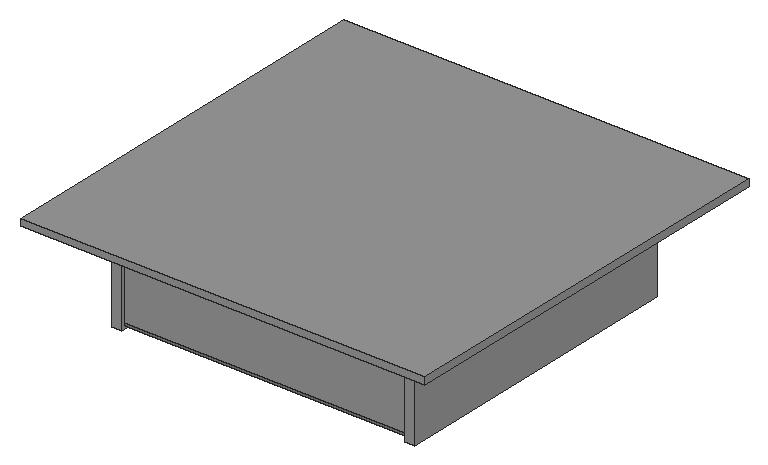
Revit family "Berica 2.0 M", category Lighting Fixtures, Revit 2020 (continued)
Definition of nested family "Light Source Berica 2.0"
  Types (4, lengths in mm): name | Photometric Web File | built-in parameter 1150142
      .39 27.25 24.08 21.47 19.16 17.20 \r\n15.23 13.35 11.62 10.02 8.55 7.17 6.03 5.13 4.38 3.70 \r\n3.00 2.32 1.72 1.26 1.02 0.93 0.85 0.77 0.70 0.61 0.54 \r\n0.46 0.38 0.31 0.24 0.17 0.11 0.06 0.03 0.02 0.02 0.02 \r\n0.02 0.02 0.03 0.06 0.11 0.17 0.24 0.31 0.38 0.46 0.54 \r\n0.61 0.70 0.77 0.85 0.93 1.02 1.26 1.72 2.32 3.00 3.70 \r\n4.38 5.13 6.03 7.17 8.55 10.02 11.62 13.35 15.23 17.20 \r\n19.16 21.47 24.08 27.25 30.39 33.34 36.03 38.96 42.05 \r\n45.69 49.28 52.94 57.01 60.92 64.72 68.32 72.27 75.98 \r\n79.92 83.88 88.04 92.00 96.24 100.44 104.40 108.51 112.57 \r\n116.25 120.13 124.05 127.77 131.56 135.12 138.67 142.34 \r\n145.57 148.75 152.13 155.15 158.16 161.17 163.83 166.57 \r\n169.17 171.66 174.08 176.20 178.65 180.75 182.72 184.29 \r\n185.66 186.91 187.85 188.73 189.50 190.00 190.44 \r\n190.44 190.10 189.67 189.12 188.38 187.56 186.67 185.60 \r\n184.33 182.90 181.24 179.48 177.51 175.21 172.92 170.77 \r\n168.33 166.18 163.53 160.88 158.19 155.25 152.36 149.23 \r\n145.93 142.81 139.38 135.95 132.20 128.56 124.81 121.07 \r\n117.00 113.23 109.15 105.16 101.26 96.98 93.13 89.04 \r\n85.32 81.31 77.29 73.27 69.44 65.71 62.40 58.83 55.64 \r\n52.41 49.02 45.68 42.73 39.44 36.61 33.56 31.12 28.69 \r\n26.45 23.96 21.68 19.31 17.40 15.58 13.89 12.37 10.65 \r\n9.14 7.69 6.51 5.52 4.76 4.01 3.34 2.69 2.22 1.95 1.74 \r\n1.57 1.38 1.21 1.02 0.84 0.66 0.50 0.34 0.19 0.09 0.04 \r\n0.03 0.03 0.03 0.04 0.09 0.19 0.34 0.50 0.66 0.84 1.02 \r\n1.21 1.38 1.57 1.74 1.95 2.22 2.69 3.34 4.01 4.76 5.52 \r\n6.51 7.69 9.14 10.65 12.37 13.89 15.58 17.40 19.31 21.68 \r\n23.96 26.45 28.69 31.12 33.56 36.61 39.44 42.73 45.68 \r\n49.02 52.41 55.64 58.83 62.40 65.71 69.44 73.27 77.29 \r\n81.31 85.32 89.04 93.13 96.98 101.26 105.16 109.15 113.23 \r\n117.00 121.07 124.81 128.56 132.20 135.95 139.38 142.81 \r\n145.93 149.23 152.36 155.25 158.19 160.88 163.53 166.18 \r\n168.33 170.77 172.92 175.21 177.51 179.48 181.24 182.90 \r\n184.33 185.60 186.67 187.56 188.38 189.12 189.67 190.10 \r\n190.44 \r\n190.44 190.17 189.87 189.39 188.81 188.23 187.56 186.70 \r\n185.82 184.72 183.51 182.15 180.64 179.10 177.15 175.17 \r\n173.08 170.92 168.79 166.52 164.12 161.58 158.87 156.20 \r\n153.46 150.41 147.45 143.97 140.80 137.24 133.76 130.22 \r\n126.33 122.32 118.66 114.58 110.39 106.45 102.28 98.33 \r\n94.21 90.04 86.26 82.37 78.44 74.72 70.97 67.47 63.87 \r\n60.62 57.17 53.95 50.66 47.59 44.69 42.02 39.46 36.84 \r\n34.40 31.89 29.49 27.34 25.26 23.29 21.46 19.68 17.98 \r\n16.20 14.58 13.17 11.69 10.17 8.76 7.50 6.43 5.54 4.79 \r\n4.12 3.57 3.13 2.75 2.38 2.01 1.65 1.26 0.90 0.58 0.28 \r\n0.09 0.04 0.04 0.04 0.09 0.28 0.58 0.90 1.26 1.65 2.01 \r\n2.38 2.75 3.13 3.57 4.12 4.79 5.54 6.43 7.50 8.76 10.17 \r\n11.69 13.17 14.58 16.20 17.98 19.68 21.46 23.29 25.26 \r\n27.34 29.49 31.89 34.40 36.84 39.46 42.02 44.69 47.59 \r\n50.66 53.95 57.17 60.62 63.87 67.47 70.97 74.72 78.44 \r\n82.37 86.26 90.04 94.21 98.33 102.28 106.45 110.39 114.58 \r\n118.66 122.32 126.33 130.22 133.76 137.24 140.80 143.97 \r\n147.45 150.41 153.46 156.20 158.87 161.58 164.12 166.52 \r\n168.79 170.92 173.08 175.17 177.15 179.10 180.64 182.15 \r\n183.51 184.72 185.82 186.70 187.56 188.23 188.81 189.39 \r\n189.87 190.17 190.44 \r\n190.44 190.29 190.09 189.78 189.35 188.82 188.35 187.69 \r\n187.00 186.14 185.17 184.11 183.01 181.62 180.38 178.87 \r\n177.34 175.67 173.75 171.91 169.71 167.55 165.28 162.73 \r\n160.09 157.43 154.63 151.72 148.41 145.16 142.28 138.60 \r\n135.03 131.22 127.31 123.55 119.43 115.45 111.42 107.23 \r\n103.03 98.76 94.51 90.75 86.59 82.63 78.65 74.92 71.15 \r\n67.72 64.18 60.67 57.45 54.24 51.43 48.47 45.65 43.12 \r\n40.64 38.18 35.97 33.54 31.61 29.54 27.67 25.82 24.02 \r\n22.43 20.71 19.08 17.49 16.07 14.65 13.39 12.02 10.72 \r\n9.49 8.40 7.34 6.44 5.66 4.97 4.28 3.54 2.86 2.15 1.49 \r\n0.84 0.36 0.10 0.05 0.10 0.36 0.84 1.49 2.15 2.86 3.54 \r\n4.28 4.97 5.66 6.44 7.34 8.40 9.49 10.72 12.02 13.39 \r\n14.65 16.07 17.49 19.08 20.71 22.43 24.02 25.82 27.67 \r\n29.54 31.61 33.54 35.97 38.18 40.64 43.12 45.65 48.47 \r\n51.43 54.24 57.45 60.67 64.18 67.72 71.15 74.92 78.65 \r\n82.63 86.59 90.75 94.51 98.76 103.03 107.23 111.42 115.45 \r\n119.43 123.55 127.31 131.22 135.03 138.60 142.28 145.16 \r\n148.41 151.72 154.63 157.43 160.09 162.73 165.28 167.55 \r\n169.71 171.91 173.75 175.67 177.34 178.87 180.38 181.62 \r\n183.01 184.11 185.17 186.14 187.00 187.69 188.35 188.82 \r\n189.35 189.78 190.09 190.29 190.44 \r\n190.44 190.25 190.12 189.86 189.61 189.35 188.87 188.43 \r\n187.91 187.27 186.48 185.63 184.63 183.58 182.40 181.12 \r\n179.94 178.45 177.04 175.36 173.64 171.78 169.97 167.83 \r\n165.69 163.16 160.85 158.26 155.28 152.45 149.32 146.08 \r\n142.59 139.02 135.17 131.54 127.18 123.61 119.25 115.16 \r\n110.83 106.47 102.30 98.02 93.69 89.58 85.52 81.46 77.79 \r\n73.70 70.32 66.52 63.07 59.64 56.49 53.36 50.64 47.82 \r\n45.21 42.65 40.21 38.01 35.86 33.76 31.85 30.01 28.19 \r\n26.51 24.82 23.34 21.73 20.33 18.81 17.45 16.11 14.76 \r\n13.56 12.30 11.06 9.93 8.78 7.67 6.72 5.59 4.62 3.59 2.61 \r\n1.69 0.85 0.26 0.09 0.26 0.85 1.69 2.61 3.59 4.62 5.59 \r\n6.72 7.67 8.78 9.93 11.06 12.30 13.56 14.76 16.11 17.45 \r\n18.81 20.33 21.73 23.34 24.82 26.51 28.19 30.01 31.85 \r\n33.76 35.86 38.01 40.21 42.65 45.21 47.82 50.64 53.36 \r\n56.49 59.64 63.07 66.52 70.32 73.70 77.79 81.46 85.52 \r\n89.58 93.69 98.02 102.30 106.47 110.83 115.16 119.25 \r\n123.61 127.18 131.54 135.17 139.02 142.59 146.08 149.32 \r\n152.45 155.28 158.26 160.85 163.16 165.69 167.83 169.97 \r\n171.78 173.64 175.36 177.04 178.45 179.94 181.12 182.40 \r\n183.58 184.63 185.63 186.48 187.27 187.91 188.43 188.87 \r\n189.35 189.61 189.86 190.12 190.25 190.44 \r\n190.44 190.40 190.35 190.19 189.95 189.66 189.36 188.96 \r\n188.51 187.93 187.29 186.62 185.80 184.64 183.80 182.68 \r\n181.45 180.21 178.79 177.40 175.72 174.15 172.33 170.31 \r\n168.33 166.04 163.60 161.22 158.36 155.62 152.91 149.57 \r\n146.43 142.82 139.09 135.28 131.52 127.50 123.70 119.27 \r\n115.28 110.74 106.65 102.25 97.91 93.71 89.57 85.41 81.52 \r\n77.78 73.71 70.06 66.38 63.12 59.61 56.63 53.57 50.86 \r\n48.00 45.46 43.01 40.70 38.52 36.37 34.32 32.44 30.65 \r\n28.84 27.19 25.58 23.98 22.43 20.98 19.63 18.16 16.82 \r\n15.46 14.16 12.84 11.59 10.32 9.20 7.96 6.74 5.58 4.42 \r\n3.27 2.17 1.25 0.54 0.29 0.54 1.25 2.17 3.27 4.42 5.58 \r\n6.74 7.96 9.20 10.32 11.59 12.84 14.16 15.46 16.82 18.16 \r\n19.63 20.98 22.43 23.98 25.58 27.19 28.84 30.65 32.44 \r\n34.32 36.37 38.52 40.70 43.01 45.46 48.00 50.86 53.57 \r\n56.63 59.61 63.12 66.38 70.06 73.71 77.78 81.52 85.41 \r\n89.57 93.71 97.91 102.25 106.65 110.74 115.28 119.27 \r\n123.70 127.50 131.52 135.28 139.09 142.82 146.43 149.57 \r\n152.91 155.62 158.36 161.22 163.60 166.04 168.33 170.31 \r\n172.33 174.15 175.72 177.40 178.79 180.21 181.45 182.68 \r\n183.80 184.64 185.80 186.62 187.29 187.93 188.51 188.96 \r\n189.36 189.66 189.95 190.19 190.35 190.40 190.44 \r\n"
